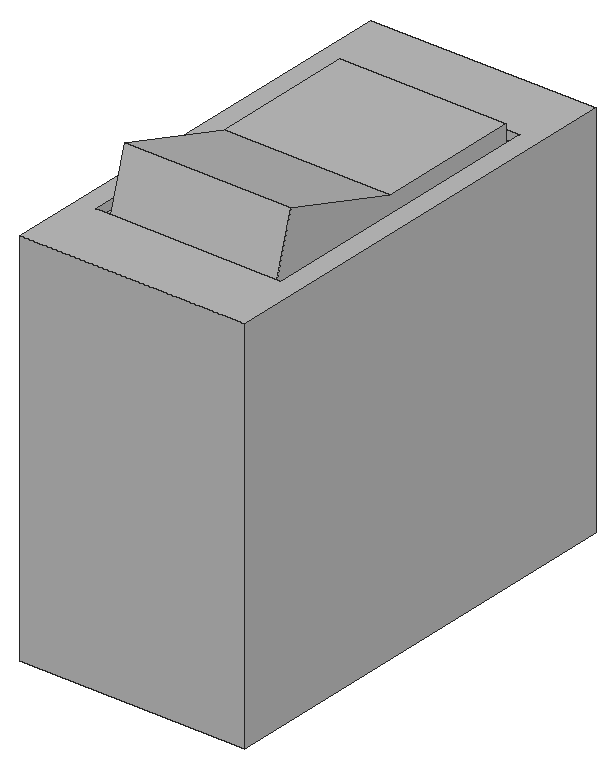
Revit family "Domotics-DomesticRanges-GEWISS-CHORUS_PROTECTION-ONE-WAY_SWITCH_MCB", category Apparecchi elettrici, host Superficie, Revit 2016
Family settings
  Host = Superficie
  Mantenere orientamento annotazione = Sì
  Tipo di parte = Normale
  Quota connettore circolare = Usa diametro
  Taglio con vuoti quando caricato = Sì
  Condiviso = Sì
  Punto di calcolo locali = Sì
Parameters (values of type "GW14468 - MCB 1P+N C16 3kA 230V ac 1M Titanium")
  Voltage: = "230V ac"
  Voltage = "230V ac"
  Volt = 230 V
  Vista in pianta [instance] = yes
  Version file RFA = "19.0"
  URL = "https://www.gewiss.com/ww/en"
  Type = "MCB"
  Tipo_ = CHORUS INT MAGNETOTERMICO_GENERICO : TITANIO
  Technical sheet = "https://www.gewiss.com/ww/en/search?q=GW14468"
  Simbolo [instance] = yes
  SEO = "MCB"
  Realized by GEWISS S.p.A. = ""
  Rated current (In) = "16"
  Rated current (A) = "16"
  Default Elevation = 1219.2 mm
  Produttore = "GEWISS S.p.A."
  Offset presa [instance] = 0 mm
  Offet bidimensionale [instance] = 39 mm
  No. Chorus modules: = "1"
  No. Chorus modules = "1"
  N. poli = 1
  Modello = "GW14468"
  Immagine tipo = GW14461.jpg
  IFC.TypeObject = ""
  IFC.ExportType = ""
  IFC.ExportAs = ""
  IDT = "300d05bc-7aec-4f69-9cb1-967f6c419845"
  IDF = "0539b41e-61ac-4be8-8c77-aad5fbf7d169"
  Electrocod = "0131"
  EAN code = "8011564267756"
  Distanza_x [instance] = 0 mm
  Distanza_effettiva_y [instance] = 100 mm
  Distanza_effettiva_x [instance] = 1000 mm - Distanza_x  # 1000 mm
  Distanza orizzontale del simbolo [instance] = 70.883 mm
  Distanza dal muro [instance] = 4.208 mm
  Descrizione = "MCB 1P+N C16 3KA 230V AC 1M W"
  Description: = "Two-pole (1P+N)"
  Description. = "One-way switch (1P+N)"
  Curve = "C"
  Colour = "Titanium"
  Catalogue Range = "CHORUS - DOMESTIC RANGE"
  Catalogue = "DOMOTICS"
  Carico apparente = 0 VA
  COBie.Tagnumber = ""
  COBie.CreatedOn = ""
  COBie.CreatebBy = ""
  COBie.ComponentRegisterItemID = ""
  COBie.Component.TagNumber = ""
  COBie.Component.Space = ""
  COBie.Component.SerialNumber = ""
  COBie.Component.InstallationDate = ""
  COBie.Component.Description = ""
  COBie.Component.BarCode = ""
  Breaking capacity = "3KA"
Types (18, lengths in mm): name | Tipo_ | Technical sheet | Rated current (In) | Rated current (A) | Modello | Immagine tipo | IDT | EAN code | Descrizione | Description: | Description. | Colour
  GW10461 - MCB 1P C6 3kA 230V ac 1M White | CHORUS INT MAGNETOTERMICO_GENERICO : BIANCO | "https://www.gewiss.com/ww/en/search?q=GW10461" | "6" | "6" | "GW10461" | GW10461.jpg | "3461c3a3-d524-473a-97b1-957239406180" | "8011564262652" | "MCB 1P C6 3KA 230V AC 1M WHITE" | "Single pole (1P)" | "One-way switch (1P)" | "White"
  GW10462 - MCB 1P C10 3kA 230V ac 1M White | CHORUS INT MAGNETOTERMICO_GENERICO : BIANCO | "https://www.gewiss.com/ww/en/search?q=GW10462" | "10" | "10" | "GW10462" | GW10461.jpg | "6894d7ea-e5d1-4208-bf18-defbf2831083" | "8011564262669" | "MCB 1P C10 3KA 230V AC 1M WHITE" | "Single pole (1P)" | "One-way switch (1P)" | "White"
  GW10463 - MCB 1P C16 3kA 230V ac 1M White | CHORUS INT MAGNETOTERMICO_GENERICO : BIANCO | "https://www.gewiss.com/ww/en/search?q=GW10463" | "16" | "16" | "GW10463" | GW10461.jpg | "a6a8144e-51c1-4dfa-80b0-7e2554052d51" | "8011564262676" | "MCB 1P C16 3KA 230V AC 1M WHITE" | "Single pole (1P)" | "One-way switch (1P)" | "White"
  GW10466 - MCB 1P+N C6 3kA 230V ac 1M White | CHORUS INT MAGNETOTERMICO_GENERICO : BIANCO | "https://www.gewiss.com/ww/en/search?q=GW10466" | "6" | "6" | "GW10466" | GW10461.jpg | "8e96ca1a-1524-4c2d-9cdd-c9fe509018b8" | "8011564262683" | "MCB 1P+N C6 3KA 230V AC 1M WHITE" | "Two-pole (1P+N)" | "One-way switch (1P+N)" | "White"
  GW10467 - MCB 1P+N C10 3kA 230V ac 1M White | CHORUS INT MAGNETOTERMICO_GENERICO : BIANCO | "https://www.gewiss.com/ww/en/search?q=GW10467" | "10" | "10" | "GW10467" | GW10461.jpg | "e8a7343d-52a3-479d-aa8e-162e64ed8560" | "8011564262690" | "MCB 1P+N C10 3KA 230V AC 1M W" | "Two-pole (1P+N)" | "One-way switch (1P+N)" | "White"
  GW10468 - MCB 1P+N C16 3kA 230V ac 1M White | CHORUS INT MAGNETOTERMICO_GENERICO : BIANCO | "https://www.gewiss.com/ww/en/search?q=GW10468" | "16" | "16" | "GW10468" | GW10461.jpg | "04ae84a8-a677-4fd2-8c6d-48a7d6deb3dc" | "8011564262706" | "MCB 1P+N C16 3KA 230V AC 1M W" | "Two-pole (1P+N)" | "One-way switch (1P+N)" | "White"
  GW12461 - MCB 1P C6 3kA 230V ac 1M Black | CHORUS INT MAGNETOTERMICO_GENERICO : NERO | "https://www.gewiss.com/ww/en/search?q=GW12461" | "6" | "6" | "GW12461" | GW12461.jpg | "97d55624-80f7-438e-ba45-fd44c0768b6d" | "8011564268159" | "MCB 1P C6 3KA 230V AC 1M BLACK" | "Single pole (1P)" | "One-way switch (1P)" | "Black"
  GW12462 - MCB 1P C10 3kA 230V ac 1M Black | CHORUS INT MAGNETOTERMICO_GENERICO : NERO | "https://www.gewiss.com/ww/en/search?q=GW12462" | "10" | "10" | "GW12462" | GW12461.jpg | "16baf4c4-4495-4773-8462-f0afc04e0f72" | "8011564268166" | "MCB 1P C10 3KA 230V AC 1M BLACK" | "Single pole (1P)" | "One-way switch (1P)" | "Black"
  GW12463 - MCB 1P C16 3kA 230V ac 1M Black | CHORUS INT MAGNETOTERMICO_GENERICO : NERO | "https://www.gewiss.com/ww/en/search?q=GW12463" | "16" | "16" | "GW12463" | GW12461.jpg | "f040caa8-711d-499a-86e7-47253ad6d63d" | "8011564268180" | "MCB 1P C16 3KA 230V AC 1M BLACK" | "Single pole (1P)" | "One-way switch (1P)" | "Black"
  GW12466 - MCB 1P+N C6 3kA 230V ac 1M Black | CHORUS INT MAGNETOTERMICO_GENERICO : NERO | "https://www.gewiss.com/ww/en/search?q=GW12466" | "6" | "6" | "GW12466" | GW12461.jpg | "65b0e04b-fff6-46f6-8716-34e632017c45" | "8011564268197" | "MCB 1P+N C6 3KA 230V AC 1M BLACK" | "Two-pole (1P+N)" | "One-way switch (1P+N)" | "Black"
  GW12467 - MCB 1P+N C10 3kA 230V ac 1M Black | CHORUS INT MAGNETOTERMICO_GENERICO : NERO | "https://www.gewiss.com/ww/en/search?q=GW12467" | "10" | "10" | "GW12467" | GW12461.jpg | "022478c2-0b18-4be1-bcf8-bb77234ac749" | "8011564268210" | "MCB 1P+N C10 3KA 230V AC 1M W" | "Two-pole (1P+N)" | "One-way switch (1P+N)" | "Black"
  GW12468 - MCB 1P+N C16 3kA 230V ac 1M Black | CHORUS INT MAGNETOTERMICO_GENERICO : NERO | "https://www.gewiss.com/ww/en/search?q=GW12468" | "16" | "16" | "GW12468" | GW12461.jpg | "2d31c690-266c-4cf6-9724-536ae98467b0" | "8011564268227" | "MCB 1P+N C16 3KA 230V AC 1M W" | "Two-pole (1P+N)" | "One-way switch (1P+N)" | "Black"
  GW14461 - MCB 1P C6 3kA 230V ac 1M Titanium | CHORUS INT MAGNETOTERMICO_GENERICO : TITANIO | "https://www.gewiss.com/ww/en/search?q=GW14461" | "6" | "6" | "GW14461" | GW14461.jpg | "cbf8c28a-501f-44d0-996d-7c12f1818220" | "8011564265202" | "MCB 1P C6 3KA 230V AC 1M TITAN" | "Single pole (1P)" | "One-way switch (1P)" | "Titanium"
  GW14462 - MCB 1P C10 3kA 230V ac 1M Titanium | CHORUS INT MAGNETOTERMICO_GENERICO : TITANIO | "https://www.gewiss.com/ww/en/search?q=GW14462" | "10" | "10" | "GW14462" | GW14461.jpg | "4feacb69-dc98-46b2-9697-7558dd24d2ee" | "8011564267718" | "MCB 1P C10 3KA 230V AC 1M TITAN" | "Single pole (1P)" | "One-way switch (1P)" | "Titanium"
  GW14463 - MCB 1P C16 3kA 230V ac 1M Titanium | CHORUS INT MAGNETOTERMICO_GENERICO : TITANIO | "https://www.gewiss.com/ww/en/search?q=GW14463" | "16" | "16" | "GW14463" | GW14461.jpg | "2ca33237-3149-4cda-9791-8323367267db" | "8011564267725" | "MCB 1P C16 3KA 230V AC 1M TITAN" | "Single pole (1P)" | "One-way switch (1P)" | "Titanium"
  GW14466 - MCB 1P+N C6 3kA 230V ac 1M Titanium | CHORUS INT MAGNETOTERMICO_GENERICO : TITANIO | "https://www.gewiss.com/ww/en/search?q=GW14466" | "6" | "6" | "GW14466" | GW14461.jpg | "6b625fb7-bfbe-4bb1-93ad-667eac5d0376" | "8011564267732" | "MCB 1P+N C6 3KA 230V AC 1M TITAN" | "Two-pole (1P+N)" | "One-way switch (1P+N)" | "Titanium"
  GW14467 - MCB 1P+N C10 3kA 230V ac 1M Titanium | CHORUS INT MAGNETOTERMICO_GENERICO : TITANIO | "https://www.gewiss.com/ww/en/search?q=GW14467" | "10" | "10" | "GW14467" | GW14461.jpg | "89ec3196-c771-43dd-bb3a-da0fb5370913" | "8011564267749" | "MCB 1P+N C10 3KA 230V AC 1M W" | "Two-pole (1P+N)" | "One-way switch (1P+N)" | "Titanium"
  GW14468 - MCB 1P+N C16 3kA 230V ac 1M Titanium | CHORUS INT MAGNETOTERMICO_GENERICO : TITANIO | "https://www.gewiss.com/ww/en/search?q=GW14468" | "16" | "16" | "GW14468" | GW14461.jpg | "300d05bc-7aec-4f69-9cb1-967f6c419845" | "8011564267756" | "MCB 1P+N C16 3KA 230V AC 1M W" | "Two-pole (1P+N)" | "One-way switch (1P+N)" | "Titanium"
Reference planes
  plane 1 "Centro (Fronte/Retro)": y = 0
  plane 2: z = 0
  plane 3 "Centro (Sinistra/Destra)": x = 0
  plane 4: x = -1000
  plane 5: y = 100
  plane 6: x = 0
  plane 7 "A": z = 39
  plane 8: z = 0
  plane 9: z = 39
Lines and regions (mm)
  Masking region 1, visible <- "Vista in pianta"
    outline origin (0, 0, 0) x (1, 0, 0) y (0, 1, 0)
      loop
        line (-11.5, -22.5) -> (11.5, -22.5) -> (11.5, 22.5) -> (-11.5, 22.5) -> (-11.5, -22.5)
      loop
        line (-9.5, -15.286) -> (9.5, -15.286) -> (9.5, 15.286) -> (-9.5, 15.286) -> (-9.5, -15.286)
      loop
        line (8.5, 14.786) -> (-8.5, 14.786) -> (-8.5, -12.842) -> (8.5, -12.842) -> (8.5, 14.786)
  Masking region 2, visible <- "Vista in pianta"
    outline origin (0, 0, 0) x (1, 0, 0) y (0, 0, 1)
      loop
        line (11.5, 0) -> (11.5, 39) -> (8.5, 39) -> (8.5, 44.298) -> (-8.5, 44.298) -> (-8.5, 39) -> (-11.5, 39) -> (-11.5, 0) -> (11.5, 0)
  Masking region 3, visible <- "Vista in pianta"
    outline origin (0, 0, 0) x (0, 1, 0) y (0, 0, 1)
      loop
        line (-22.5, 39) -> (-22.5, 0) -> (22.5, 0) -> (22.5, 39) -> (14.786, 39) -> (14.786, 39.901) -> (0, 39.901) -> (-12.842, 44.298) -> (-14.504, 39) -> (-22.5, 39)
Dimensions and locks
  plane 4 to plane 3 "Centro (Sinistra/Destra)" = 1000 mm
  "Distanza_effettiva_x": plane 4 to plane 6
  "Distanza_effettiva_y": plane 5 to plane 1 "Centro (Fronte/Retro)"
  "Offset presa": host face to plane 8
  locked: plane 7 "A" to plane 8 at 39
  "Offet bidimensionale": host face to plane 9
  aligned and locked: plane 2 to host face
  aligned and locked: level to host face
  aligned and locked: plane 6 to nested 1
  aligned and locked: nested 1 to plane 5
  aligned and locked: plane 3 "Centro (Sinistra/Destra)" to nested 2
  aligned and locked: plane 1 "Centro (Fronte/Retro)" to nested 2
  aligned and locked: Masking region 1 sketch curve to nested 2  (x4)
  aligned and locked: plane 8 to nested 2
  aligned and locked: plane 9 to import instance
  aligned and locked: nested 2 to Masking region 2 sketch curve
  aligned and locked: Masking region 2 sketch curve to nested 2
  aligned and locked: plane 8 to Masking region 2
  aligned and locked: nested 2 to plane 8  (x2)
  aligned and locked: Masking region 3 sketch curve to nested 2  (x3)
  aligned and locked: plane 8 to Masking region 3
Automatic sketch dimensions
  host sketch curve to host sketch curve = 2438.4 mm  (x2)
  Masking region 1 sketch curve to Masking region 1 sketch curve = 2 mm  (x2)
  Masking region 1 sketch curve to Masking region 1 sketch curve = 7.214 mm  (x2)
  Masking region 1 sketch curve to Masking region 1 sketch curve = 1 mm  (x2)
  Masking region 1 sketch curve to Masking region 1 sketch curve = 0.5 mm
  Masking region 1 sketch curve to Masking region 1 sketch curve = 2.445 mm
  Masking region 2 sketch curve to plane 8 = 0 mm
  Masking region 2 sketch curve to Masking region 2 sketch curve = 3 mm  (x2)
  Masking region 2 sketch curve to plane 7 "A" = 5.298 mm
  Masking region 2 sketch curve to plane 7 "A" = 0 mm  (x2)
  plane 7 "A" to Masking region 3 sketch curve = 0 mm  (x2)
  Masking region 3 sketch curve to Masking region 3 sketch curve = 7.714 mm
  Masking region 3 sketch curve to plane 1 "Centro (Fronte/Retro)" = 0 mm
  Masking region 3 sketch curve to plane 7 "A" = 0.901 mm
  Masking region 3 sketch curve to plane 7 "A" = 5.298 mm
  Masking region 3 sketch curve to Masking region 3 sketch curve = 9.658 mm
  Masking region 3 sketch curve to Masking region 3 sketch curve = 1.662 mm
Nested families
  nested 1: "SIMBOLO INTERRUTTORI" at (0, 100, 0), Distanza dal muro <- "Distanza dal muro", SIMBOLO <- "Simbolo", visible <- "Simbolo", type "INAUTMAGN"
    with SIMBOLO yes, Distanza dal muro 4.208 mm, BORDO ACCESO yes
  nested 2: "CHORUS INT MAGNETOTERMICO_GENERICO" at (0, 0, 0), type <- "Tipo_", type "TITANIO"
Connectors
  electrical at (0, 0, 0), driven by "N. poli", driven by "Volt", driven by "Carico apparente"
    settings: on nested 2, index 1, voltage 230 V, apparent load 0 VA, apparent load phase1 0 VA, apparent load phase2 0 VA, apparent load phase3 0 VA, power factor 1, load classification "Altro", number of poles 1, system type 31, power factor state 1, is connector primary yes, connector utility no, sub classification motor no, connector description ""
Definition of nested family "CHORUS INT MAGNETOTERMICO_GENERICO"
  Parameters (values of type "BIANCO")
    L = 23 mm
    Finitura System Differeziale = none
  Types (3, lengths in mm): name | L
    BIANCO | 23
    NERO | 25.796
    TITANIO | 23
  Reference planes
    plane 1 "Centro (Fronte/Retro)": y = 0
    plane 2: z = 0
    plane 3 "Centro (Sinistra/Destra)": x = 0
    plane 4: y = 14.786
    plane 5: y = -14.786
    plane 6: y = 0
    plane 7: y = 15.286
    plane 8: y = -15.286
    plane 9: z = 38.099
    plane 10 "A": z = 39
    plane 11: x = -11.5
    plane 12: x = 11.5
    plane 13: x = -9.5
    plane 14: x = 9.5
    plane 15: x = 8.5
    plane 16: x = -8.5
  Forms (mm)
    Extrusion 1, solid, material <- "Finitura System Differeziale"
      sketch origin (0, -772.5, 39) x (1, 0, 0) y (0, 1, 0)
        loop
          line (-11.5, 795) -> (-11.5, 750) -> (11.5, 750) -> (11.5, 795) -> (-11.5, 795)
      from 0 to -39
    Extrusion 2, void
      sketch origin (0, -772.5, 39) x (1, 0, 0) y (0, 1, 0)
        loop
          line (-9.5, 787.786) -> (-9.5, 757.214) -> (9.5, 757.214) -> (9.5, 787.786) -> (-9.5, 787.786)
      from -0.901 to 0
    Extrusion 3, solid, material <- "Finitura System Differeziale"
      sketch origin (0, -772.5, 39) x (0, 0, -1) y (0, 1, 0)
        loop
          line (0.901, 787.286) -> (-0.901, 787.286) -> (-0.901, 772.5) -> (-5.298, 759.658) -> (0.901, 757.714) -> (0.901, 787.286)
      from -8.5 to 8.5
  Cuts and joins
    Extrusion 2 cuts Extrusion 1
  Lines and regions (mm)
    model lines
      curve 1: circle (0, -18.839, 39) r 2.191 normal (0, 0, 1)
      curve 2: line (0, 21.03, 39) -> (0, 16.648, 39)
  Dimensions and locks
    level to plane 10 "A" = 39 mm
    locked: plane 11 to plane 13 at 2
    locked: plane 13 to plane 16 at 1
    locked: plane 14 to plane 12 at 2
    locked: plane 15 to plane 14 at 1
    equal spacing: plane 11, plane 3 "Centro (Sinistra/Destra)", plane 12
    "L": plane 11 to plane 12
    aligned and locked: Extrusion 1 to plane 12
    aligned and locked: Extrusion 2 to plane 14
    aligned and locked: plane 15 to Extrusion 3
    aligned and locked: Extrusion 3 to plane 16
    aligned and locked: Extrusion 2 to plane 13
    aligned and locked: Extrusion 1 to plane 11
  Automatic sketch dimensions
    plane 3 "Centro (Sinistra/Destra)" to Extrusion 1 sketch curve = 11.5 mm
    Extrusion 1 sketch curve to plane 11 = 0 mm
    plane 8 to Extrusion 1 sketch curve = 7.214 mm
    plane 7 to Extrusion 1 sketch curve = 7.214 mm
    Extrusion 2 sketch curve to plane 8 = 0 mm
    Extrusion 2 sketch curve to plane 7 = 0 mm
    plane 11 to Extrusion 2 sketch curve = 2 mm
    plane 3 "Centro (Sinistra/Destra)" to Extrusion 2 sketch curve = 9.5 mm
    Extrusion 3 sketch curve to plane 1 "Centro (Fronte/Retro)" = 0 mm
    Extrusion 3 sketch curve to plane 4 = 0 mm
    Extrusion 3 sketch curve to plane 9 = 0 mm
    Extrusion 3 sketch curve to plane 5 = 0 mm
    Extrusion 3 sketch curve to plane 10 "A" = 0.901 mm
    plane 5 to Extrusion 3 sketch curve = 1.945 mm
    Extrusion 3 sketch curve to plane 10 "A" = 5.298 mm
    plane 8 to curve 1 = 3.553 mm
    plane 12 to curve 1 = 11.5 mm
    plane 7 to curve 2 = 1.362 mm
    curve 2 to curve 1 = 0 mm
    curve 2 to curve 2 = 4.381 mm
    radius of curve 1 = 2.191 mm
Definition of nested family "SIMBOLO INTERRUTTORI"
  Parameters (values of type "INAUTMAGN")
    TIPO SIMBOLO = SIMBOLO INTERRUTTORI_BASE : INTAUTMAGN
    SIMBOLO [instance] = yes
    Distanza dal muro [instance] = 4.208 mm
    BORDO ACCESO [instance] = yes
  Types (10, lengths in mm): name | TIPO SIMBOLO
    INT1P | SIMBOLO INTERRUTTORI_BASE : INT1P
    INT1PLUM | SIMBOLO INTERRUTTORI_BASE : INT1PLUM
    INT2P | SIMBOLO INTERRUTTORI_BASE : INT2P
    INT2PLUM | SIMBOLO INTERRUTTORI_BASE : INT2PLUM
    INTCHIAVE | SIMBOLO INTERRUTTORI_BASE : INTCHIAVE
    RELE | SIMBOLO INTERRUTTORI_BASE : RELE
    RELE M | SIMBOLO INTERRUTTORI_BASE : RELE M
    RELE PP | SIMBOLO INTERRUTTORI_BASE : RELE PP
    INTAUTMAGNDIFF | SIMBOLO INTERRUTTORI_BASE : INTAUTMAGNDIFF
    INAUTMAGN | SIMBOLO INTERRUTTORI_BASE : INTAUTMAGN
  Reference planes
    plane 1: y = 0
    plane 2: x = 0
  Lines and regions (mm)
    detail lines, visible <- "BORDO ACCESO", not visible
      curve 1: line (-2.25, 0.412, 0) -> (2.25, 0.412, 0)
      curve 2: line (2.25, 0.412, 0) -> (2.25, -5.588, 0)
      curve 3: line (2.25, -5.588, 0) -> (-2.25, -5.588, 0)
      curve 4: line (-2.25, -5.588, 0) -> (-2.25, 0.412, 0)
      curve 30: line (-1.85, 0.012, 0) -> (1.85, 0.012, 0)
      curve 31: line (1.85, 0.012, 0) -> (1.85, -5.188, 0)
      curve 32: line (1.85, -5.188, 0) -> (-1.85, -5.188, 0)
      curve 33: line (-1.85, -5.188, 0) -> (-1.85, 0.012, 0)
      curve 34: line (-2.25, 6, 0) -> (2.25, 6, 0)
      curve 35: line (2.25, 6, 0) -> (2.25, 0, 0)
      curve 36: line (2.25, 0, 0) -> (-2.25, 0, 0)
      curve 37: line (-2.25, 0, 0) -> (-2.25, 6, 0)
      curve 61: line (-1.85, 5.6, 0) -> (1.85, 5.6, 0)
      curve 62: line (1.85, 5.6, 0) -> (1.85, 0.4, 0)
      curve 63: line (1.85, 0.4, 0) -> (-1.85, 0.4, 0)
      curve 64: line (-1.85, 0.4, 0) -> (-1.85, 5.6, 0)
    detail lines, not visible
      curve 5: line (-9.473, -5.588, 0) -> (10.527, -5.588, 0)
      curve 6: circle (-0.56, -0.487, 0) r 0.969 normal (0, 0, 1)
      curve 7: line (-0.005, 0.306, 0) -> (0.852, 1.529, 0)
      curve 8: line (0.852, 1.529, 0) -> (1.529, 1.047, 0)
      curve 9: circle (-0.56, -315.487, 0) r 0.969 normal (0, 0, 1)
      curve 10: line (-0.005, -314.694, 0) -> (0.852, -313.471, 0)
      curve 11: line (0.852, -313.471, 0) -> (1.529, -313.953, 0)
      curve 12: line (-1.245, -314.803, 0) -> (0.124, -316.172, 0)
      curve 13: line (0.124, -314.803, 0) -> (-1.245, -316.172, 0)
      curve 14: circle (-0.56, -480.487, 0) r 0.969 normal (0, 0, 1)
      curve 15: line (-0.005, -479.694, 0) -> (0.852, -478.471, 0)
      curve 16: line (0.852, -478.471, 0) -> (1.529, -478.953, 0)
      curve 17: line (0.493, -478.983, 0) -> (1.167, -479.462, 0)
      curve 18: circle (-0.56, -880.487, 0) r 0.969 normal (0, 0, 1)
      curve 19: line (-0.005, -879.694, 0) -> (0.852, -878.471, 0)
      curve 20: line (0.852, -878.471, 0) -> (1.529, -878.953, 0)
      curve 21: line (-1.245, -879.803, 0) -> (0.124, -881.172, 0)
      curve 22: line (0.124, -879.803, 0) -> (-1.245, -881.172, 0)
      curve 23: line (0.493, -878.983, 0) -> (1.167, -879.462, 0)
      curve 24: circle (-0.56, -365.487, 0) r 0.969 normal (0, 0, 1)
      curve 25: line (-0.005, -364.694, 0) -> (0.852, -363.471, 0)
      curve 26: line (0.852, -363.471, 0) -> (1.529, -363.953, 0)
      curve 27: line (-0.56, -364.925, 0) -> (-0.56, -366.05, 0)
      curve 28: line (0.493, -363.983, 0) -> (1.167, -364.462, 0)
      curve 29: line (0, 3.621, 0) -> (0, -16.379, 0)
      curve 38: circle (-0.56, 2.417, 0) r 0.969 normal (0, 0, 1)
      curve 39: line (-0.005, 3.21, 0) -> (0.852, 4.433, 0)
      curve 40: line (0.852, 4.433, 0) -> (1.529, 3.951, 0)
      curve 41: circle (-0.56, 2.417, 0) r 0.969 normal (0, 0, 1)
      curve 42: line (-0.005, 3.21, 0) -> (0.852, 4.433, 0)
      curve 43: line (0.852, 4.433, 0) -> (1.529, 3.951, 0)
      curve 44: line (-1.245, 3.102, 0) -> (0.124, 1.732, 0)
      curve 45: line (0.124, 3.102, 0) -> (-1.245, 1.732, 0)
      curve 46: circle (-0.56, 2.417, 0) r 0.969 normal (0, 0, 1)
      curve 47: line (-0.005, 3.21, 0) -> (0.852, 4.433, 0)
      curve 48: line (0.852, 4.433, 0) -> (1.529, 3.951, 0)
      curve 49: circle (-0.56, 2.417, 0) r 0.969 normal (0, 0, 1)
      curve 50: line (-0.005, 3.21, 0) -> (0.852, 4.433, 0)
      curve 51: line (0.852, 4.433, 0) -> (1.529, 3.951, 0)
      curve 52: line (-1.245, 3.102, 0) -> (0.124, 1.732, 0)
      curve 53: line (0.124, 3.102, 0) -> (-1.245, 1.732, 0)
      curve 54: line (0.493, 3.921, 0) -> (1.167, 3.442, 0)
      curve 55: line (0.493, 3.921, 0) -> (1.167, 3.442, 0)
      curve 56: circle (-0.56, 2.417, 0) r 0.969 normal (0, 0, 1)
      curve 57: line (-0.005, 3.21, 0) -> (0.852, 4.433, 0)
      curve 58: line (0.852, 4.433, 0) -> (1.529, 3.951, 0)
      curve 59: line (-0.56, 2.979, 0) -> (-0.56, 1.854, 0)
      curve 60: line (0.493, 3.921, 0) -> (1.167, 3.442, 0)
  Dimensions and locks
    aligned and locked: curve 5 to curve 3
    aligned and locked: plane 2 to nested 1
    aligned and locked: plane 1 to nested 1
  Nested families
    nested 1: "SIMBOLO INTERRUTTORI_BASE" at (0, 0, 0), type <- "TIPO SIMBOLO", BORDO ACCESO <- "BORDO ACCESO", visible <- "SIMBOLO", type "INTAUTMAGN"
      with BORDO ACCESO yes
  Definition of nested family "SIMBOLO INTERRUTTORI_BASE"
    Parameters (values of type "RELE PP")
      RELE PP = yes
      RELE M = no
      RELE = yes
      INTCHIAVE = no
      INTAUTMAGNDIFF = no
      INT2PLUM = no
      INT2P = no
      INT1PLUM = no
      INT1P = no
      INATUMAGN = no
      Distanza dal muro = 4.208 mm
      BORDO ACCESO [instance] = yes
    Types (10, lengths in mm): name | RELE PP | RELE M | RELE | INTCHIAVE | INTAUTMAGNDIFF | INT2PLUM | INT2P | INT1PLUM | INT1P | INATUMAGN
      INT1P | no | no | no | no | no | no | no | no | yes | no
      INT1PLUM | no | no | no | no | no | no | no | yes | no | no
      INT2P | no | no | no | no | no | no | yes | no | no | no
      INT2PLUM | no | no | no | no | no | yes | no | no | no | no
      INTCHIAVE | no | no | no | yes | no | no | no | no | no | no
      RELE | no | no | yes | no | no | no | no | no | no | no
      RELE M | no | yes | yes | no | no | no | no | no | no | no
      RELE PP | yes | no | yes | no | no | no | no | no | no | no
      INTAUTMAGNDIFF | no | no | no | no | yes | no | no | no | no | no
      INTAUTMAGN | no | no | no | no | no | no | no | no | no | yes
    Reference planes
      plane 1: y = 0
      plane 2: x = 0
    Lines and regions (mm)
      detail lines, visible <- "BORDO ACCESO", not visible
        curve 1: line (-2.25, 0.412, 0) -> (2.25, 0.412, 0)
        curve 2: line (2.25, 0.412, 0) -> (2.25, -5.588, 0)
        curve 3: line (2.25, -5.588, 0) -> (-2.25, -5.588, 0)
        curve 4: line (-2.25, -5.588, 0) -> (-2.25, 0.412, 0)
        curve 53: line (-1.85, 0.012, 0) -> (1.85, 0.012, 0)
        curve 54: line (1.85, 0.012, 0) -> (1.85, -5.188, 0)
        curve 55: line (1.85, -5.188, 0) -> (-1.85, -5.188, 0)
        curve 56: line (-1.85, -5.188, 0) -> (-1.85, 0.012, 0)
        curve 57: line (-2.25, 6, 0) -> (2.25, 6, 0)
        curve 58: line (2.25, 6, 0) -> (2.25, 0, 0)
        curve 59: line (2.25, 0, 0) -> (-2.25, 0, 0)
        curve 60: line (-2.25, 0, 0) -> (-2.25, 6, 0)
        curve 84: line (-1.85, 5.6, 0) -> (1.85, 5.6, 0)
        curve 85: line (1.85, 5.6, 0) -> (1.85, 0.4, 0)
        curve 86: line (1.85, 0.4, 0) -> (-1.85, 0.4, 0)
        curve 87: line (-1.85, 0.4, 0) -> (-1.85, 5.6, 0)
      detail lines, not visible
        curve 5: line (-9.473, -5.588, 0) -> (10.527, -5.588, 0)
        curve 52: line (0, 3.621, 0) -> (0, -16.379, 0)
      detail lines, visible <- "INT1P"
        curve 6: circle (-0.285, 0.931, 0) r 0.531 normal (0, 0, 1)
        curve 7: line (0.02, 1.365, 0) -> (0.489, 2.035, 0)
        curve 8: line (0.489, 2.035, 0) -> (0.86, 1.771, 0)
      detail lines, visible <- "INT1P", not visible
        curve 9: circle (-0.56, -0.487, 0) r 0.969 normal (0, 0, 1)
        curve 10: line (-0.005, 0.306, 0) -> (0.852, 1.529, 0)
        curve 11: line (0.852, 1.529, 0) -> (1.529, 1.047, 0)
        curve 61: circle (-0.56, 2.417, 0) r 0.969 normal (0, 0, 1)
        curve 62: line (-0.005, 3.21, 0) -> (0.852, 4.433, 0)
        curve 63: line (0.852, 4.433, 0) -> (1.529, 3.951, 0)
        curve 112: circle (-0.285, 2.181, 0) r 0.531 normal (0, 0, 1)
        curve 113: line (0.02, 2.615, 0) -> (0.489, 3.285, 0)
        curve 114: line (0.489, 3.285, 0) -> (0.86, 3.021, 0)
      detail lines, visible <- "INT1PLUM"
        curve 12: circle (-0.285, 0.931, 0) r 0.531 normal (0, 0, 1)
        curve 13: line (0.02, 1.365, 0) -> (0.489, 2.035, 0)
        curve 14: line (0.489, 2.035, 0) -> (0.86, 1.771, 0)
        curve 15: line (-0.66, 1.306, 0) -> (0.091, 0.555, 0)
        curve 16: line (0.091, 1.306, 0) -> (-0.66, 0.555, 0)
      detail lines, visible <- "INT1PLUM", not visible
        curve 17: circle (-0.56, -315.487, 0) r 0.969 normal (0, 0, 1)
        curve 18: line (-0.005, -314.694, 0) -> (0.852, -313.471, 0)
        curve 19: line (0.852, -313.471, 0) -> (1.529, -313.953, 0)
        curve 20: line (-1.245, -314.803, 0) -> (0.124, -316.172, 0)
        curve 21: line (0.124, -314.803, 0) -> (-1.245, -316.172, 0)
        curve 64: circle (-0.56, 2.417, 0) r 0.969 normal (0, 0, 1)
        curve 65: line (-0.005, 3.21, 0) -> (0.852, 4.433, 0)
        curve 66: line (0.852, 4.433, 0) -> (1.529, 3.951, 0)
        curve 67: line (-1.245, 3.102, 0) -> (0.124, 1.732, 0)
        curve 68: line (0.124, 3.102, 0) -> (-1.245, 1.732, 0)
        curve 115: circle (-0.285, 2.181, 0) r 0.531 normal (0, 0, 1)
        curve 116: line (0.02, 2.615, 0) -> (0.489, 3.285, 0)
        curve 117: line (0.489, 3.285, 0) -> (0.86, 3.021, 0)
        curve 118: line (-0.66, 2.556, 0) -> (0.091, 1.805, 0)
        curve 119: line (0.091, 2.556, 0) -> (-0.66, 1.805, 0)
      detail lines, visible <- "INT2P"
        curve 22: circle (-0.285, 0.931, 0) r 0.531 normal (0, 0, 1)
        curve 23: line (0.02, 1.365, 0) -> (0.489, 2.035, 0)
        curve 24: line (0.489, 2.035, 0) -> (0.86, 1.771, 0)
        curve 30: line (0.293, 1.755, 0) -> (0.662, 1.492, 0)
      detail lines, visible <- "INT2PLUM"
        curve 25: circle (-0.285, 0.931, 0) r 0.531 normal (0, 0, 1)
        curve 26: line (0.02, 1.365, 0) -> (0.489, 2.035, 0)
        curve 27: line (0.489, 2.035, 0) -> (0.86, 1.771, 0)
        curve 28: line (-0.66, 1.306, 0) -> (0.091, 0.555, 0)
        curve 29: line (0.091, 1.306, 0) -> (-0.66, 0.555, 0)
        curve 31: line (0.293, 1.755, 0) -> (0.662, 1.492, 0)
      detail lines, visible <- "INT2P", not visible
        curve 32: circle (-0.56, -480.487, 0) r 0.969 normal (0, 0, 1)
        curve 33: line (-0.005, -479.694, 0) -> (0.852, -478.471, 0)
        curve 34: line (0.852, -478.471, 0) -> (1.529, -478.953, 0)
        curve 35: line (0.493, -478.983, 0) -> (1.167, -479.462, 0)
        curve 69: circle (-0.56, 2.417, 0) r 0.969 normal (0, 0, 1)
        curve 70: line (-0.005, 3.21, 0) -> (0.852, 4.433, 0)
        curve 71: line (0.852, 4.433, 0) -> (1.529, 3.951, 0)
        curve 77: line (0.493, 3.921, 0) -> (1.167, 3.442, 0)
        curve 120: circle (-0.285, 2.181, 0) r 0.531 normal (0, 0, 1)
        curve 121: line (0.02, 2.615, 0) -> (0.489, 3.285, 0)
        curve 122: line (0.489, 3.285, 0) -> (0.86, 3.021, 0)
        curve 128: line (0.293, 3.005, 0) -> (0.662, 2.742, 0)
      detail lines, visible <- "INT2PLUM", not visible
        curve 36: circle (-0.56, -880.487, 0) r 0.969 normal (0, 0, 1)
        curve 37: line (-0.005, -879.694, 0) -> (0.852, -878.471, 0)
        curve 38: line (0.852, -878.471, 0) -> (1.529, -878.953, 0)
        curve 39: line (-1.245, -879.803, 0) -> (0.124, -881.172, 0)
        curve 40: line (0.124, -879.803, 0) -> (-1.245, -881.172, 0)
        curve 41: line (0.493, -878.983, 0) -> (1.167, -879.462, 0)
        curve 72: circle (-0.56, 2.417, 0) r 0.969 normal (0, 0, 1)
        curve 73: line (-0.005, 3.21, 0) -> (0.852, 4.433, 0)
        curve 74: line (0.852, 4.433, 0) -> (1.529, 3.951, 0)
        curve 75: line (-1.245, 3.102, 0) -> (0.124, 1.732, 0)
        curve 76: line (0.124, 3.102, 0) -> (-1.245, 1.732, 0)
        curve 78: line (0.493, 3.921, 0) -> (1.167, 3.442, 0)
        curve 123: circle (-0.285, 2.181, 0) r 0.531 normal (0, 0, 1)
        curve 124: line (0.02, 2.615, 0) -> (0.489, 3.285, 0)
        curve 125: line (0.489, 3.285, 0) -> (0.86, 3.021, 0)
        curve 126: line (-0.66, 2.556, 0) -> (0.091, 1.805, 0)
        curve 127: line (0.091, 2.556, 0) -> (-0.66, 1.805, 0)
        curve 129: line (0.293, 3.005, 0) -> (0.662, 2.742, 0)
      detail lines, visible <- "INTCHIAVE"
        curve 42: circle (-0.285, 0.931, 0) r 0.531 normal (0, 0, 1)
        curve 43: line (0.02, 1.365, 0) -> (0.489, 2.035, 0)
        curve 44: line (0.489, 2.035, 0) -> (0.86, 1.771, 0)
        curve 45: line (-0.285, 1.25, 0) -> (-0.285, 0.622, 0)
        curve 46: line (0.293, 1.755, 0) -> (0.662, 1.492, 0)
      detail lines, visible <- "INTCHIAVE", not visible
        curve 47: circle (-0.56, -365.487, 0) r 0.969 normal (0, 0, 1)
        curve 48: line (-0.005, -364.694, 0) -> (0.852, -363.471, 0)
        curve 49: line (0.852, -363.471, 0) -> (1.529, -363.953, 0)
        curve 50: line (-0.56, -364.925, 0) -> (-0.56, -366.05, 0)
        curve 51: line (0.493, -363.983, 0) -> (1.167, -364.462, 0)
        curve 79: circle (-0.56, 2.417, 0) r 0.969 normal (0, 0, 1)
        curve 80: line (-0.005, 3.21, 0) -> (0.852, 4.433, 0)
        curve 81: line (0.852, 4.433, 0) -> (1.529, 3.951, 0)
        curve 82: line (-0.56, 2.979, 0) -> (-0.56, 1.854, 0)
        curve 83: line (0.493, 3.921, 0) -> (1.167, 3.442, 0)
        curve 130: circle (-0.285, 2.181, 0) r 0.531 normal (0, 0, 1)
        curve 131: line (0.02, 2.615, 0) -> (0.489, 3.285, 0)
        curve 132: line (0.489, 3.285, 0) -> (0.86, 3.021, 0)
        curve 133: line (-0.285, 2.5, 0) -> (-0.285, 1.872, 0)
        curve 134: line (0.293, 3.005, 0) -> (0.662, 2.742, 0)
      detail lines, visible <- "RELE"
        curve 88: line (-0.795, 1.705, 0) -> (0.795, 1.705, 0)
        curve 89: line (-0.795, 0.796, 0) -> (-0.795, 1.705, 0)
        curve 90: line (0.795, 0.796, 0) -> (-0.795, 0.796, 0)
        curve 91: line (0.795, 1.705, 0) -> (0.795, 0.796, 0)
        curve 92: line (0, 1.705, 0) -> (0, 2.027, 0)
        curve 93: line (0, 0.796, 0) -> (0, 0.483, 0)
      detail lines, visible <- "RELE M"
        curve 94: line (0.29, 1.606, 0) -> (-0.29, 0.891, 0)
        curve 95: line (0.29, 1.606, 0) -> (0.501, 1.606, 0)
        curve 96: line (-0.29, 0.891, 0) -> (-0.511, 0.891, 0)
      detail lines, visible <- "RELE PP"
        curve 97: line (0, 1.606, 0) -> (0, 0.891, 0)
        curve 98: line (-0.245, 0.891, 0) -> (0, 0.891, 0)
        curve 99: line (0.189, 1.606, 0) -> (0, 1.606, 0)
      detail lines, visible <- "RELE", not visible
        curve 100: line (-1.85, -1.48, 0) -> (1.053, -1.48, 0)
        curve 101: line (-1.85, -3.139, 0) -> (-1.85, -1.48, 0)
        curve 102: line (1.053, -3.139, 0) -> (-1.85, -3.139, 0)
        curve 103: line (1.053, -1.48, 0) -> (1.053, -3.139, 0)
        curve 104: line (-0.399, -1.48, 0) -> (-0.399, -0.893, 0)
        curve 105: line (-0.399, -3.139, 0) -> (-0.399, -3.727, 0)
        curve 135: line (-0.795, 2.955, 0) -> (0.795, 2.955, 0)
        curve 136: line (-0.795, 2.046, 0) -> (-0.795, 2.955, 0)
        curve 137: line (0.795, 2.046, 0) -> (-0.795, 2.046, 0)
        curve 138: line (0.795, 2.955, 0) -> (0.795, 2.046, 0)
        curve 139: line (0, 2.955, 0) -> (0, 3.277, 0)
        curve 140: line (0, 2.046, 0) -> (0, 1.733, 0)
      detail lines, visible <- "RELE M", not visible
        curve 106: line (0.13, -1.659, 0) -> (-0.927, -2.964, 0)
        curve 107: line (0.13, -1.659, 0) -> (0.544, -1.659, 0)
        curve 108: line (-0.927, -2.964, 0) -> (-1.341, -2.964, 0)
        curve 141: line (0.29, 2.856, 0) -> (-0.29, 2.141, 0)
        curve 142: line (0.29, 2.856, 0) -> (0.501, 2.856, 0)
        curve 143: line (-0.29, 2.141, 0) -> (-0.511, 2.141, 0)
      detail lines, visible <- "RELE PP", not visible
        curve 109: line (-0.399, -1.659, 0) -> (-0.399, -2.964, 0)
        curve 110: line (-0.799, -2.964, 0) -> (-0.399, -2.964, 0)
        curve 111: line (0.001, -1.659, 0) -> (-0.399, -1.659, 0)
        curve 144: line (0, 2.856, 0) -> (0, 2.141, 0)
        curve 145: line (-0.245, 2.141, 0) -> (0, 2.141, 0)
        curve 146: line (0.189, 2.856, 0) -> (0, 2.856, 0)
    Dimensions and locks
      aligned and locked: curve 5 to curve 3
